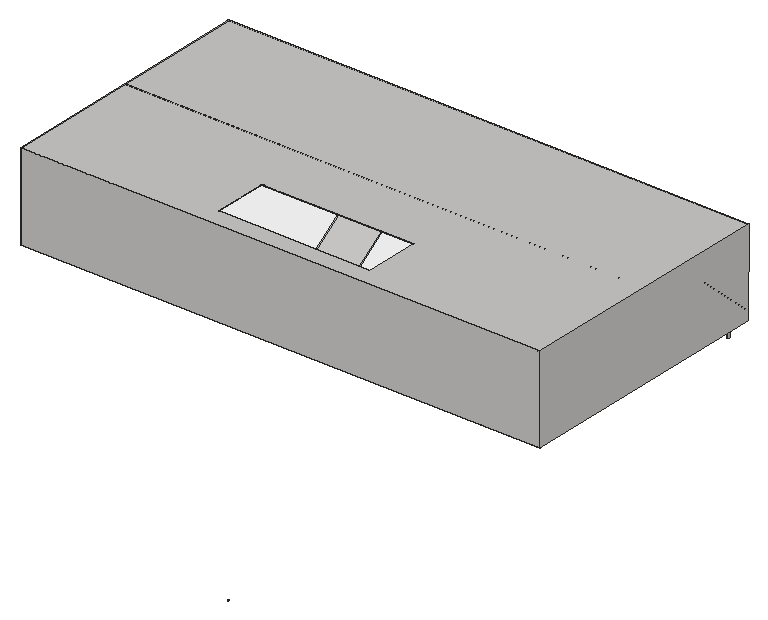
Revit family "QF_ELECTROLUXPROFESSIONAL_640191_EPF1224", category Attrezzature speciali, Revit 2021
Family settings
  Quota connettore circolare = Usa diametro
  Tipo di parte = Normale
  Basato su piano di lavoro = No
  Sempre verticale = Sì
  Taglio con vuoti quando caricato = No
  Condiviso = No
  Punto di calcolo locali = No
Parameters (values of type "Standard")
  Weight = 57.00 kg
  Watts = 0 W
  Volts = 0 V
  URL Manufacturer = "https://www.electroluxprofessional.com/"
  URL = "https://www.electroluxprofessional.com/"
  Steam Supply Size = 0 mm
  Steam Supply Minimum Pressure = 0.0 Pa
  Steam Supply Maximum Pressure = 0.0 Pa
  Steam Consumption per Hour = 0
  Refrigeration Suction Line Size = 0 mm
  Refrigeration Liquid Line Size = 0 mm
  Refrigerant Compressor Remote = yes
  Prospetto di default = 0 mm
  Produttore = "Electrolux Professional"
  Phase = 0
  Modello = "EPF1224"
  Length Actual = 2400 mm  # constant formula
  Item Number = "640191"
  Hot Water Size = 0 mm
  Height Actual = 400 mm  # constant formula
  HP = "0 HP"
  Gas Size = 0 mm
  Gas KW = 0
  Gas Input Pressure = 0 W
  Direct Waste Size = 0 mm
  Descrizione = "304 S/S WALL HOOD+FILTERS 240X120 CM"
  Depth Actual = 1200 mm  # constant formula
  Cycle = 0 Hz
  Condensate Return Size = 0 mm
  Compressed Air Volume = 0.0 L/s
  Compressed Air Size = 0 mm
  Compressed Air Pressure = 0.0 Pa
  Cold Water Size = 0 mm
  Accessory = yes
Reference planes
  plane 1: z = 0
  plane 2 "Center (Left/Right)": x = 150
  plane 3 "LEFT": x = -1050
  plane 4 "RIGHT": x = 1350
  plane 5 "BACK": y = 550
  plane 6 "TOP": z = 2400
  plane 7 "Base": z = 2000
  plane 8: z = 1970
  plane 9 "DrainY": y = 450
  plane 10: x = -1047
  plane 11: y = -320
  plane 12: y = -570
  plane 13 "DrainX": x = 1337
  plane 14 "AOLeft": x = -200
  plane 15 "AORight": x = 500
  plane 16: x = 1347
  plane 17: x = -850
  plane 18: x = 1150
  plane 19 "Center (Front/Back)": y = -50
  plane 20 "Front": y = -650
  plane 21: through (0, -49.6, 2399.19) normal (0, -0.5736, 0.8192)
  plane 22: x = 50
  plane 23: x = 250
Forms (mm)
  Extrusion 1, solid, material "QF_Finishes_Stainless Steel"
    sketch origin (-1050, 0, 360) x (0, 1, 0) y (0, 0, 1)
      loop
        line (550, 1640) -> (550, 2040) -> (-650, 2040) -> (-650, 1640) -> (550, 1640)
    from 0 to 3
  Extrusion 2, solid, material "QF_Finishes_Stainless Steel"
    sketch origin (1350, 0, 360) x (0, 1, 0) y (0, 0, 1)
      loop
        line (550, 1640) -> (550, 2040) -> (-650, 2040) -> (-650, 1640) -> (550, 1640)
    from 0 to -3
  Extrusion 3, solid, material "QF_Finishes_Stainless Steel"
    sketch origin (150, 0, 360) x (0, 1, 0) y (0, 0, 1)
      loop
        line (-650, 2040) -> (-650, 1640) -> (-640, 1640) -> (-640, 1640.8) -> (-649.2, 1640.8) -> (-649.2, 2039.19) -> (549.2, 2039.19) -> (549.2, 1640.8) -> (540, 1640.8) -> (540, 1640) -> (550, 1640) -> (550, 2040) -> (-650, 2040)
    from -1200 to 1200
  Extrusion 4, solid, material "QF_Finishes_Stainless Steel"
    sketch origin (0, 0, 2000) x (0, 1, 0) y (-1, 0, 0)
      loop
        circle (450, -1337) r 4.763
    from -30 to 0
  Extrusion 5, void
    sketch origin (0, 0, 2400) x (0, 1, 0) y (-1, 0, 0)
      loop
        line (-320, -500) -> (-320, 200) -> (-570, 200) -> (-570, -500) -> (-320, -500)
    from 0 to -10
  Extrusion 6, solid, material "QF_Finishes_Stainless Steel"
    sketch origin (0, 0, 0) x (1, 0, 0) y (0, 1, 0)
      loop
        line (-1050, 550) -> (-1050, 549) -> (-1049, 549) -> (-1049, 550) -> (-1050, 550)
    from 0 to 1
  Extrusion 7, solid, material "QF_Finishes_Stainless Steel"
    sketch origin (150, 0, 360) x (0, 1, 0) y (0, 0, 1)
      loop
        line (-131.515, 1981.832) -> (-134.381, 1985.926) -> (-573.276, 1678.608) -> (-570.553, 1674.415) -> (-131.515, 1981.832)
    from -1000 to -1197
  Extrusion 8, solid, material "QF_Finishes_Stainless Steel"
    sketch origin (150, 0, 360) x (0, 1, 0) y (0, 0, 1)
      loop
        line (-650, 2039.19) -> (-650, 1640) -> (-619.702, 1640) -> (-570.553, 1674.415) -> (-578.723, 1686.995) -> (-579.394, 1686.559) -> (-571.645, 1674.627) -> (-619.955, 1640.8) -> (-649.2, 1640.8) -> (-649.2, 2039.19) -> (-650, 2039.19)
      loop
        line (-49.6, 2039.19) -> (-50.995, 2039.19) -> (-131.319, 1982.947) -> (-139.464, 1994.578) -> (-140.119, 1994.12) -> (-131.515, 1981.832) -> (-49.6, 2039.19)
    from -1197 to 1197
  Extrusion 9, solid, material "QF_Finishes_Stainless Steel"
    sketch origin (150, 0, 360) x (0, 1, 0) y (0, 0, 1)
      loop
        line (-131.515, 1981.832) -> (-134.381, 1985.926) -> (-573.276, 1678.608) -> (-570.553, 1674.415) -> (-131.515, 1981.832)
    from 1197 to 1000
  Extrusion 10, solid, material "QF_Finishes_Stainless Steel"
    sketch origin (150, 0, 360) x (0, 1, 0) y (0, 0, 1)
      loop
        line (-131.515, 1981.832) -> (-134.381, 1985.926) -> (-573.276, 1678.608) -> (-570.553, 1674.415) -> (-131.515, 1981.832)
    from -100 to 100
  Extrusion 11, solid, material "QF_Finished_Chrome"
    sketch origin (150, 0, 360) x (0, 1, 0) y (0, 0, 1)
      loop
        line (-131.515, 1981.832) -> (-134.381, 1985.926) -> (-573.276, 1678.608) -> (-570.553, 1674.415) -> (-131.515, 1981.832)
    from -1000 to -100
  Extrusion 12, solid, material "QF_Finished_Chrome"
    sketch origin (150, 0, 360) x (0, 1, 0) y (0, 0, 1)
      loop
        line (-131.515, 1981.832) -> (-134.381, 1985.926) -> (-573.276, 1678.608) -> (-570.553, 1674.415) -> (-131.515, 1981.832)
    from 100 to 1000
  Sweep 13, solid, material "QF_Finishes_Stainless Steel"
    path origin (0, 0, 0) x (1, 0, 0) y (0, 1, 0)
      loop
        line (1350, 550) -> (-1050, 550) -> (-1050, -650) -> (1350, -650) -> (1350, 550)
    profile origin (1350, -50, 0) x (1, 0, 0) y (0, 0, 1)
      loop
        line (-3, 2000) -> (-3, 2000.8) -> (-19, 2000.8) -> (-19, 2010) -> (-20, 2010) -> (-20, 2000) -> (-3, 2000)
  Extrusion 14, solid, material "QF_Finishes_Stainless Steel"
    sketch origin (150, 0, 0) x (0, 1, 0) y (0, 0, 1)
      loop
        line (549.2, 2040.8) -> (549.2, 2041.877) -> (289.521, 2275.693) -> (-43.438, 2399.19) -> (-45.739, 2399.19) -> (289.099, 2274.996) -> (549.2, 2040.8)
    from -1197 to 1197
Cuts and joins
  Extrusion 5 cuts Extrusion 3
  joined: Extrusion 2, Extrusion 3, Sweep 13
Lines and regions (mm)
  symbolic lines, style "SpecialityEquipment", detail levels coarse
    curve 1: line (1350, 550, 2400) -> (-1050, 550, 2400)
    curve 2: line (-1050, 550, 2400) -> (-1050, -650.8, 2400)
    curve 3: line (1350, -650.8, 2400) -> (1350, 550, 2400)
    curve 4: line (-1050, -650.8, 2400) -> (1350, -650.8, 2400)
    curve 5: line (500, -570, 2400) -> (-200, -570, 2400)
    curve 6: line (500, -320, 2400) -> (500, -570, 2400)
    curve 7: line (-200, -320, 2400) -> (500, -320, 2400)
    curve 8: line (-200, -570, 2400) -> (-200, -320, 2400)
    curve 9: line (-1050, 550, 0) -> (1350, -550, 0)
    curve 10: line (1350, 550, 0) -> (-1050, -550, 0)
Dimensions and locks
  plane 3 "LEFT" to plane 4 "RIGHT" = 2400 mm
  equal spacing: plane 3 "LEFT", plane 2 "Center (Left/Right)", plane 4 "RIGHT"
  plane 7 "Base" to plane 8 = 30 mm
  plane 5 "BACK" to plane 9 "DrainY" = 100 mm  (x2)
  plane 3 "LEFT" to plane 10 = 3 mm
  plane 13 "DrainX" to plane 4 "RIGHT" = 13 mm
  plane 16 to plane 4 "RIGHT" = 3 mm
  plane 3 "LEFT" to plane 17 = 200 mm
  plane 18 to plane 4 "RIGHT" = 200 mm
  locked: plane 14 "AOLeft" to plane 15 "AORight" at 700
  equal spacing: plane 14 "AOLeft", plane 2 "Center (Left/Right)", plane 15 "AORight"
  locked: plane 7 "Base" to level at 2000
  locked: plane 6 "TOP" to plane 7 "Base" at 400
  plane 5 "BACK" to plane 20 "Front" = 1200 mm  (x2)
  equal spacing: plane 5 "BACK", plane 19 "Center (Front/Back)", plane 20 "Front"
  locked: plane 22 to plane 23 at 200
  equal spacing: plane 22, plane 2 "Center (Left/Right)", plane 23
  plane 12 to plane 20 "Front" = 80 mm
  locked: plane 11 to plane 12 at 250
  aligned and locked: level to plane 1
  aligned and locked: plane 4 "RIGHT" to Extrusion 3
  aligned and locked: Extrusion 3 to plane 3 "LEFT"
  aligned and locked: Extrusion 5 to plane 14 "AOLeft"
  aligned and locked: Extrusion 5 to plane 12
  aligned and locked: Extrusion 5 to plane 11
  aligned and locked: Extrusion 7 to plane 10
  aligned and locked: Extrusion 7 to plane 17
  aligned and locked: Extrusion 2 to plane 16
  aligned and locked: Extrusion 5 to plane 15 "AORight"
  aligned and locked: plane 15 "AORight" to curve 6
  aligned and locked: plane 16 to Extrusion 9
  aligned and locked: plane 18 to Extrusion 9
  aligned and locked: plane 23 to Extrusion 10
  aligned and locked: Extrusion 10 to plane 22
  aligned and locked: plane 22 to Extrusion 11
  aligned and locked: Extrusion 11 to plane 17
  aligned and locked: Extrusion 12 to plane 23
  aligned and locked: Extrusion 12 to plane 18
  aligned and locked: Extrusion 14 to plane 10
  aligned and locked: plane 16 to Extrusion 14
  aligned and locked: Extrusion 8 to plane 10
  aligned and locked: plane 16 to Extrusion 8
Automatic sketch dimensions
  curve 10 to plane 3 "LEFT" = 0 mm
  curve 9 to plane 3 "LEFT" = 0 mm
  curve 10 to plane 4 "RIGHT" = 0 mm
  curve 9 to plane 4 "RIGHT" = 0 mm
  curve 10 to plane 5 "BACK" = 0 mm
  curve 9 to plane 5 "BACK" = 0 mm
  plane 20 "Front" to curve 10 = 100 mm
  plane 20 "Front" to curve 9 = 100 mm
  curve 4 to plane 4 "RIGHT" = 0 mm
  curve 2 to plane 3 "LEFT" = 0 mm
  curve 5 to plane 12 = 0 mm
  plane 11 to curve 7 = 0 mm
  curve 2 to plane 5 "BACK" = 0 mm
  curve 5 to plane 14 "AOLeft" = 0 mm
  curve 4 to plane 20 "Front" = 0.8 mm
  Extrusion 1 sketch curve to plane 7 "Base" = 0 mm
  Extrusion 1 sketch curve to plane 20 "Front" = 0 mm
  Extrusion 1 sketch curve to plane 5 "BACK" = 0 mm
  Extrusion 1 sketch curve to plane 6 "TOP" = 0 mm
  Extrusion 2 sketch curve to plane 7 "Base" = 0 mm
  Extrusion 2 sketch curve to plane 20 "Front" = 0 mm
  Extrusion 2 sketch curve to plane 5 "BACK" = 0 mm
  Extrusion 2 sketch curve to plane 6 "TOP" = 0 mm
  Extrusion 3 sketch curve to plane 6 "TOP" = 0 mm
  Extrusion 3 sketch curve to plane 20 "Front" = 0 mm
  Extrusion 3 sketch curve to plane 7 "Base" = 0 mm  (x2)
  Extrusion 3 sketch curve to plane 5 "BACK" = 0 mm
  plane 20 "Front" to Extrusion 3 sketch curve = 0.8 mm
  Extrusion 3 sketch curve to Extrusion 3 sketch curve = 9.2 mm
  plane 7 "Base" to Extrusion 3 sketch curve = 0.8 mm  (x2)
  Extrusion 3 sketch curve to plane 5 "BACK" = 10 mm
  Extrusion 3 sketch curve to plane 5 "BACK" = 0.8 mm
  Extrusion 3 sketch curve to plane 6 "TOP" = 0.81 mm
  Extrusion 4 sketch curve to plane 9 "DrainY" = 0 mm
  Extrusion 4 sketch curve to plane 13 "DrainX" = 0 mm
  Extrusion 5 sketch curve to plane 12 = 0 mm
  plane 11 to Extrusion 5 sketch curve = 0 mm
  Extrusion 5 sketch curve to plane 15 "AORight" = 0 mm
  Extrusion 5 sketch curve to plane 14 "AOLeft" = 0 mm
  Extrusion 6 sketch curve to plane 3 "LEFT" = 0 mm
  Extrusion 6 sketch curve to plane 5 "BACK" = 0 mm
  plane 3 "LEFT" to Extrusion 6 sketch curve = 1 mm
  Extrusion 6 sketch curve to Extrusion 6 sketch curve = 1 mm
  Extrusion 7 sketch curve to plane 21 = 0 mm  (x2)
  plane 20 "Front" to Extrusion 7 sketch curve = 76.724 mm
  plane 7 "Base" to Extrusion 7 sketch curve = 34.415 mm
  Extrusion 7 sketch curve to plane 6 "TOP" = 54.074 mm
  Extrusion 7 sketch curve to plane 19 "Center (Front/Back)" = 84.381 mm
  Extrusion 8 sketch curve to plane 20 "Front" = 0 mm
  Extrusion 8 sketch curve to plane 7 "Base" = 0 mm
  Extrusion 8 sketch curve to plane 21 = 0 mm  (x4)
  plane 20 "Front" to Extrusion 8 sketch curve = 0.8 mm
  Extrusion 8 sketch curve to Extrusion 8 sketch curve = 0.252 mm
  Extrusion 8 sketch curve to Extrusion 8 sketch curve = 40.561 mm
  plane 7 "Base" to Extrusion 8 sketch curve = 46.995 mm
  Extrusion 8 sketch curve to Extrusion 8 sketch curve = 0.671 mm
  plane 7 "Base" to Extrusion 8 sketch curve = 34.627 mm
  Extrusion 8 sketch curve to Extrusion 8 sketch curve = 7.749 mm
  Extrusion 8 sketch curve to plane 6 "TOP" = 45.88 mm
  Extrusion 8 sketch curve to plane 19 "Center (Front/Back)" = 90.119 mm
  Extrusion 8 sketch curve to plane 6 "TOP" = 45.422 mm
  Extrusion 8 sketch curve to plane 6 "TOP" = 57.053 mm
  Extrusion 8 sketch curve to plane 6 "TOP" = 0.81 mm  (x2)
  plane 7 "Base" to Extrusion 8 sketch curve = 0.8 mm
  Extrusion 9 sketch curve to plane 21 = 0 mm  (x2)
  plane 20 "Front" to Extrusion 9 sketch curve = 76.724 mm
  plane 7 "Base" to Extrusion 9 sketch curve = 34.415 mm
  Extrusion 9 sketch curve to plane 6 "TOP" = 54.074 mm
  Extrusion 9 sketch curve to plane 19 "Center (Front/Back)" = 84.381 mm
  Extrusion 10 sketch curve to plane 21 = 0 mm  (x2)
  plane 20 "Front" to Extrusion 10 sketch curve = 76.724 mm
  plane 7 "Base" to Extrusion 10 sketch curve = 34.415 mm
  Extrusion 10 sketch curve to plane 6 "TOP" = 54.074 mm
  Extrusion 10 sketch curve to plane 19 "Center (Front/Back)" = 84.381 mm
  Extrusion 11 sketch curve to plane 21 = 0 mm  (x2)
  plane 20 "Front" to Extrusion 11 sketch curve = 76.724 mm
  plane 7 "Base" to Extrusion 11 sketch curve = 34.415 mm
  Extrusion 11 sketch curve to plane 6 "TOP" = 54.074 mm
  Extrusion 11 sketch curve to plane 19 "Center (Front/Back)" = 84.381 mm
  Extrusion 12 sketch curve to plane 21 = 0 mm  (x2)
  plane 20 "Front" to Extrusion 12 sketch curve = 76.724 mm
  plane 7 "Base" to Extrusion 12 sketch curve = 34.415 mm
  Extrusion 12 sketch curve to plane 6 "TOP" = 54.074 mm
  Extrusion 12 sketch curve to plane 19 "Center (Front/Back)" = 84.381 mm
  Sweep 13 sketch curve to plane 3 "LEFT" = 0 mm
  Sweep 13 sketch curve to plane 4 "RIGHT" = 0 mm
  Sweep 13 sketch curve to plane 20 "Front" = 0 mm
  Sweep 13 sketch curve to plane 5 "BACK" = 0 mm
  profile plane to Sweep 13 sketch curve = 20 mm
  Sweep 13 sketch curve to Sweep 13 sketch curve = 1 mm
  profile plane to Sweep 13 sketch curve = 3 mm
  level to Sweep 13 sketch curve = 2000 mm
  Sweep 13 sketch curve to Sweep 13 sketch curve = 0.8 mm
  Sweep 13 sketch curve to Sweep 13 sketch curve = 9.2 mm
  Extrusion 14 sketch curve to plane 9 "DrainY" = 160.901 mm
  Extrusion 14 sketch curve to Extrusion 14 sketch curve = 0.422 mm
  Extrusion 14 sketch curve to plane 5 "BACK" = 0.8 mm
  plane 7 "Base" to Extrusion 14 sketch curve = 40.8 mm
  Extrusion 14 sketch curve to Extrusion 14 sketch curve = 1.077 mm
  Extrusion 14 sketch curve to plane 6 "TOP" = 125.004 mm
  Extrusion 14 sketch curve to Extrusion 14 sketch curve = 0.697 mm
  Extrusion 14 sketch curve to plane 6 "TOP" = 0.81 mm
  plane 19 "Center (Front/Back)" to Extrusion 14 sketch curve = 6.562 mm
  Extrusion 14 sketch curve to Extrusion 14 sketch curve = 2.3 mm
  Extrusion 14 sketch curve to Extrusion 14 sketch curve = 0 mm
  radius of Extrusion 4 sketch curve = 4.763 mm
Connectors
  piping at (1337, 450, 1970), diameter 9.5
    settings: on Extrusion 4, index 1, connector inside diameter 609.6 mm, connector length 0 mm, flow factor 0, pipe flow 0.0 L/s, pressure drop 0.0 Pa, fitting loss kfactor 0, connector angle 0.00°, fixture units 0, engagement length 0 mm, angle of deflection 0.00°, flow configuration 1, flow direction 2, fitting loss method 0, system type 16, joint type 0, gender type 0, connector reference index -1, connector utility 0, adjustable connector no, is connector primary yes, connector description "Drain"
  hvac at (150, -445, 2400)
    settings: on Extrusion 5, index 2, duct flow 0.0 L/s, flow factor 0, pres drop 0.0 Pa, loss coef 0, conn angle 0.00°, conn width 250 mm, conn height 700 mm, conn diameter 609.6 mm, duct sys type 3, conn prof type 1, flow config 1, flow direction 0, loss method 0, conn ref index -1, conn util no, is conn primary yes, conn desc "EXHAUST OUTLET"
